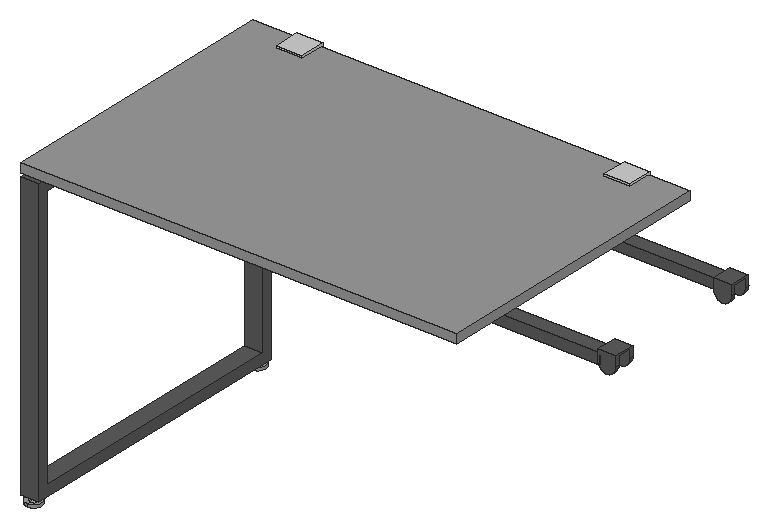
Revit family "Haworth_Tibas_Desk_ReturnExtension_EU_PRELIMINARY", category Furniture, Revit 2019 (continued)
Definition of nested family "Haworth_Tibas_CableManagement_HorizontalCableTraySingleWire_PART"
  Definition of nested family "Haworth_Tibas_CableManagement_HorizontalCableTraySingleWire_140cm-PART"
    Forms (cm)
      Extrusion 5, solid, material <- "Trim Finish"
        sketch origin (-52.1788, 0.625, 79.9413) x (0, -1, 0) y (0, 0, 1)
          loop
            line (19.9242, -3.0224) -> (19.9242, -5.6) -> (19.6482, -5.6)
            arc (19.6482, -5.6) -> (19.4898, -5.6656) -> (19.4242, -5.824) r 0.224
            line (19.4242, -5.824) -> (19.4242, -12.25) -> (7.5501, -12.25)
            arc (7.5501, -12.25) -> (7.3251, -12.025) -> (7.5501, -11.8) r 0.225
            line (7.5501, -11.8) -> (8.3242, -11.8) -> (8.3242, -11.6) -> (7.5483, -11.6)
            arc (7.5483, -11.6) -> (7.1233, -12.025) -> (7.5483, -12.45) r 0.425
            line (7.5483, -12.45) -> (19.4019, -12.45)
            arc (19.4019, -12.45) -> (19.5591, -12.3849) -> (19.6242, -12.2277) r 0.2223
            line (19.6242, -12.2277) -> (19.6242, -5.8) -> (19.9029, -5.8)
            arc (19.9029, -5.8) -> (20.0594, -5.7352) -> (20.1242, -5.5787) r 0.2213
            line (20.1242, -5.5787) -> (20.1242, -3) -> (24.1742, -3) -> (24.1742, -6) -> (24.3742, -6) -> (24.3742, -3.02)
            arc (24.3742, -3.02) -> (24.3098, -2.8644) -> (24.1542, -2.8) r 0.22
        from -36.501 to -33.501
    Cuts and joins
      Extrusion 2, Extrusion 3 cuts Extrusion 1
    Lines and regions (cm)
      Masking region 1
        outline origin (0, 0, 0) x (1, 0, 0) y (0, 1, 0)
          loop
            line (-49.1964, -4.3686) -> (-49.1964, -20.3686) -> (90.8036, -20.3686) -> (90.8036, -4.3686) -> (-49.1964, -4.3686)
    Dimensions and locks (cm)
      locked: plane 2 "Support Top" to level at 74.1363
      equal spacing: plane 4, plane 6, plane 5 "Front"
      "Actual Depth": plane 5 "Front" to plane 4
      equal spacing: plane 7, plane 3, plane 8
      "Actual Width": plane 7 to plane 8
      aligned and locked: plane 4 to cut or joined group of Extrusion 1, Extrusion 2, Extrusion 3
      aligned and locked: Masking region 1 sketch curve to plane 4
      aligned and locked: Masking region 1 sketch curve to plane 5 "Front"
      aligned and locked: cut or joined group of Extrusion 1, Extrusion 2, Extrusion 3 to plane 7
      aligned and locked: Masking region 1 to plane 7
      aligned and locked: plane 8 to cut or joined group of Extrusion 1, Extrusion 2, Extrusion 3
      aligned and locked: plane 8 to Masking region 1
    Automatic sketch dimensions
      Extrusion 1 sketch curve to plane 2 "Support Top" = 0 cm  (x2)
      Extrusion 1 sketch curve to plane 4 = 0 cm
      Extrusion 1 sketch curve to Extrusion 1 sketch curve = 0.3062 cm
      Extrusion 1 sketch curve to plane 4 = 0.3886 cm
      Extrusion 1 sketch curve to Extrusion 1 sketch curve = 0.1226 cm
      Extrusion 1 sketch curve to plane 5 "Front" = 1.3652 cm
      Extrusion 1 sketch curve to Extrusion 1 sketch curve = 0.0044 cm
      Extrusion 1 sketch curve to Extrusion 1 sketch curve = 0.1959 cm
      Extrusion 1 sketch curve to Extrusion 1 sketch curve = 0.1923 cm
      Extrusion 1 sketch curve to plane 2 "Support Top" = 5.6934 cm
      Extrusion 1 sketch curve to Extrusion 1 sketch curve = 0.0167 cm
      Extrusion 2 sketch curve to Extrusion 2 sketch curve = 0 cm  (x58)
      plane 7 to Extrusion 2 sketch curve = 4.728 cm
      Extrusion 2 sketch curve to plane 2 "Support Top" = 0.1965 cm  (x23)
      Extrusion 2 sketch curve to Extrusion 2 sketch curve = 0.2075 cm  (x31)
      Extrusion 2 sketch curve to Extrusion 2 sketch curve = 5.7925 cm  (x19)
      Extrusion 2 sketch curve to plane 3 = 5.272 cm
      plane 3 to Extrusion 2 sketch curve = 0.728 cm  (x2)
      Extrusion 2 sketch curve to plane 8 = 0.397 cm
      Extrusion 2 sketch curve to Extrusion 2 sketch curve = 3.3128 cm  (x4)
      Extrusion 2 sketch curve to Extrusion 2 sketch curve = 0.1859 cm  (x23)
      Extrusion 2 sketch curve to Extrusion 2 sketch curve = 1.7829 cm  (x14)
      Extrusion 2 sketch curve to Extrusion 2 sketch curve = 0.0134 cm  (x4)
      Extrusion 2 sketch curve to Extrusion 2 sketch curve = 1.7963 cm
      plane 4 to Extrusion 3 sketch curve = 0.3062 cm  (x15)
      plane 7 to Extrusion 3 sketch curve = 9.3145 cm
      Extrusion 3 sketch curve to Extrusion 3 sketch curve = 3.5555 cm
      Extrusion 3 sketch curve to Extrusion 3 sketch curve = 0.1945 cm  (x4)
      Extrusion 3 sketch curve to plane 7 = 0.228 cm
      Extrusion 3 sketch curve to Extrusion 3 sketch curve = 0.2075 cm  (x18)
      Extrusion 3 sketch curve to Extrusion 3 sketch curve = 5.8055 cm  (x11)
      plane 5 "Front" to Extrusion 3 sketch curve = 1.5977 cm  (x12)
      Extrusion 3 sketch curve to Extrusion 3 sketch curve = 5.7925 cm  (x9)
      Extrusion 3 sketch curve to Extrusion 3 sketch curve = 0.2204 cm  (x4)
      plane 3 to Extrusion 3 sketch curve = 3.7202 cm
      Extrusion 3 sketch curve to plane 3 = 2.2927 cm
      plane 8 to Extrusion 3 sketch curve = 1.6037 cm
      Extrusion 3 sketch curve to plane 8 = 4.4093 cm
      Extrusion 3 sketch curve to Extrusion 3 sketch curve = 4.6848 cm
      Extrusion 3 sketch curve to Extrusion 3 sketch curve = 0 cm  (x27)
      Extrusion 4 sketch curve to plane 4 = 2.5547 cm
      Extrusion 4 sketch curve to Extrusion 4 sketch curve = 0.0018 cm
      Extrusion 4 sketch curve to Extrusion 4 sketch curve = 0.7759 cm
      Extrusion 4 sketch curve to plane 5 "Front" = 1.5916 cm
      Extrusion 4 sketch curve to Extrusion 4 sketch curve = 0.0223 cm
      plane 2 "Support Top" to Extrusion 4 sketch curve = 0.005 cm
      Extrusion 4 sketch curve to Extrusion 4 sketch curve = 0.2 cm  (x5)
      Extrusion 4 sketch curve to Extrusion 4 sketch curve = 0.024 cm
      Extrusion 4 sketch curve to Extrusion 4 sketch curve = 0.2547 cm
      Extrusion 4 sketch curve to plane 5 "Front" = 1.0694 cm
      Extrusion 4 sketch curve to Extrusion 4 sketch curve = 0.0224 cm
      plane 5 "Front" to Extrusion 4 sketch curve = 3.1606 cm
      Extrusion 4 sketch curve to Extrusion 4 sketch curve = 0.02 cm  (x2)
      Extrusion 4 sketch curve to Extrusion 4 sketch curve = 2.5563 cm
      Extrusion 4 sketch curve to plane 2 "Support Top" = 0.195 cm
      Extrusion 4 sketch curve to plane 2 "Support Top" = 5.795 cm
      Extrusion 4 sketch curve to Extrusion 4 sketch curve = 0.225 cm
      Extrusion 4 sketch curve to Extrusion 4 sketch curve = 0 cm
      Masking region 1 sketch curve to plane 7 = 0 cm
      Masking region 1 sketch curve to plane 8 = 0 cm
      Extrusion 5 sketch curve to plane 4 = 2.5547 cm
      Extrusion 5 sketch curve to Extrusion 5 sketch curve = 0.0018 cm
      Extrusion 5 sketch curve to Extrusion 5 sketch curve = 0.7759 cm
      Extrusion 5 sketch curve to plane 5 "Front" = 1.5916 cm
      Extrusion 5 sketch curve to Extrusion 5 sketch curve = 0.0223 cm
      plane 2 "Support Top" to Extrusion 5 sketch curve = 0.005 cm
      Extrusion 5 sketch curve to Extrusion 5 sketch curve = 0.2 cm  (x4)
      Extrusion 5 sketch curve to Extrusion 5 sketch curve = 0.024 cm
      Extrusion 5 sketch curve to Extrusion 5 sketch curve = 0.2547 cm
      Extrusion 5 sketch curve to plane 5 "Front" = 1.0694 cm
      Extrusion 5 sketch curve to Extrusion 5 sketch curve = 0.0224 cm
      plane 5 "Front" to Extrusion 5 sketch curve = 3.1606 cm
      Extrusion 5 sketch curve to Extrusion 5 sketch curve = 0.02 cm  (x2)
      Extrusion 5 sketch curve to plane 2 "Support Top" = 0.019 cm
      Extrusion 5 sketch curve to plane 2 "Support Top" = 0.195 cm
      Extrusion 5 sketch curve to plane 2 "Support Top" = 5.795 cm
      Extrusion 5 sketch curve to Extrusion 5 sketch curve = 0.225 cm
      Extrusion 5 sketch curve to Extrusion 5 sketch curve = 0 cm
      Extrusion 5 sketch curve to Extrusion 5 sketch curve = 2.5563 cm
      plane 7 to Extrusion 2 sketch curve = 0.3105 cm
      Extrusion 2 sketch curve to Extrusion 2 sketch curve = 1.8232 cm
  Definition of nested family "Haworth_Tibas_CableManagement_HorizontalCableTraySingleWire_180cm-PART"
    Parameters (values of type "Wire Basket Single - 180cm")
      Warranty = "http://www.haworth.com/resources/product-info/warranties"
      Void Width = 20 cm  # constant formula
      URL = "www.haworth.com"
      Trim Finish = none
      Size = "Verify Final Dim. w/ Haworth"  # constant formula
      Revision Number = "1"  # constant formula
      Model = "Haworth -  Wire Basket "  # constant formula
      Manufacturer = "Haworth"  # constant formula
      Description = "Haworth -  Wire Basket 180cm "  # constant formula
      Cable Tray Finish = none
      Author = "Haworth (Abd Rahman)"  # constant formula
      Assembly Code = "E2020200"
      Actual Width = 180 cm  # constant formula
      Actual Depth = 16 cm  # constant formula
    Reference planes (cm)
      plane 1: z = 0
      plane 2 "Support Top": z = 74.1363
      plane 3: x = 20.8036
      plane 4: y = -4.3686
      plane 5 "Front": y = -20.3686
      plane 6: y = -12.3686
      plane 7: x = -69.1964
      plane 8: x = 110.8036
    Forms (cm)
      Extrusion 1, solid, material <- "Cable Tray Finish"
        sketch origin (-68.41, -24.7371, 0) x (0, 1, 0) y (0, 0, -1)
          loop
            line (5.5335, -74.1362) -> (5.5335, -68.4381)
            arc (5.5335, -68.4381) -> (5.5922, -68.2965) -> (5.7338, -68.2378) r 0.2003
            line (5.7338, -68.2378) -> (19.8574, -68.2378)
            arc (19.8574, -68.2378) -> (20.0023, -68.2979) -> (20.0623, -68.4428) r 0.205
            line (20.0623, -68.4428) -> (20.0623, -74.1362) -> (20.3686, -74.1362) -> (20.3686, -68.4261)
            arc (20.3686, -68.4261) -> (20.2547, -68.1513) -> (19.9799, -68.0374) r 0.3886
            line (19.9799, -68.0374) -> (5.7294, -68.0374)
            arc (5.7294, -68.0374) -> (5.455, -68.1511) -> (5.3413, -68.4255) r 0.3881
            line (5.3413, -68.4255) -> (5.3413, -74.1362) -> (5.5335, -74.1362)
        from -179.2136 to 0.7864
      Extrusion 2, void
        sketch origin (0, -2.9666, 0) x (1, 0, 0) y (0, 0, -1)
          loop
            line (-68.261, -73.9397) -> (-62.4684, -73.9397) -> (-62.4684, -70.6269) -> (-68.261, -70.6269) -> (-68.261, -73.9397)
          loop
            line (-62.4684, -70.4411) -> (-62.4684, -68.6179) -> (-68.261, -68.6179) -> (-68.261, -70.4411) -> (-62.4684, -70.4411)
          loop
            line (-62.261, -73.9397) -> (-56.4684, -73.9397) -> (-56.4684, -70.6269) -> (-62.261, -70.6269) -> (-62.261, -73.9397)
          loop
            line (-56.4684, -70.4411) -> (-56.4684, -68.6179) -> (-62.261, -68.6179) -> (-62.261, -70.4411) -> (-56.4684, -70.4411)
          loop
            line (-56.261, -73.9397) -> (-50.4684, -73.9397) -> (-50.4684, -70.6269) -> (-56.261, -70.6269) -> (-56.261, -73.9397)
          loop
            line (-50.4684, -70.4411) -> (-50.4684, -68.6179) -> (-56.261, -68.6179) -> (-56.261, -70.4411) -> (-50.4684, -70.4411)
          loop
            line (-50.261, -73.9397) -> (-44.4684, -73.9397) -> (-44.4684, -70.6269) -> (-50.261, -70.6269) -> (-50.261, -73.9397)
          loop
            line (-44.4684, -70.4411) -> (-44.4684, -68.6179) -> (-50.261, -68.6179) -> (-50.261, -70.4411) -> (-44.4684, -70.4411)
          loop
            line (-44.261, -73.9397) -> (-38.4684, -73.9397) -> (-38.4684, -70.6269) -> (-44.261, -70.6269) -> (-44.261, -73.9397)
          loop
            line (-38.4684, -70.4411) -> (-38.4684, -68.6448) -> (-44.261, -68.6448) -> (-44.261, -70.4411) -> (-38.4684, -70.4411)
          loop
            line (-38.261, -73.9397) -> (-32.4684, -73.9397) -> (-32.4684, -70.6269) -> (-38.261, -70.6269) -> (-38.261, -73.9397)
          loop
            line (-32.4684, -70.4411) -> (-32.4684, -68.6448) -> (-38.261, -68.6448) -> (-38.261, -70.4411) -> (-32.4684, -70.4411)
          loop
            line (-32.261, -73.9397) -> (-26.4684, -73.9397) -> (-26.4684, -70.6269) -> (-32.261, -70.6269) -> (-32.261, -73.9397)
          loop
            line (-26.4684, -70.4411) -> (-26.4684, -68.6448) -> (-32.261, -68.6448) -> (-32.261, -70.4411) -> (-26.4684, -70.4411)
          loop
            line (-26.261, -73.9397) -> (-20.4684, -73.9397) -> (-20.4684, -70.6269) -> (-26.261, -70.6269) -> (-26.261, -73.9397)
          loop
            line (-20.4684, -70.4411) -> (-20.4684, -68.6582) -> (-26.261, -68.6582) -> (-26.261, -70.4411) -> (-20.4684, -70.4411)
          loop
            line (-20.261, -73.9397) -> (-14.4684, -73.9397) -> (-14.4684, -70.6269) -> (-20.261, -70.6269) -> (-20.261, -73.9397)
          loop
            line (-14.4684, -70.4411) -> (-14.4684, -68.6582) -> (-20.261, -68.6582) -> (-20.261, -70.4411) -> (-14.4684, -70.4411)
          loop
            line (-14.261, -73.9397) -> (-8.4684, -73.9397) -> (-8.4684, -70.6269) -> (-14.261, -70.6269) -> (-14.261, -73.9397)
          loop
            line (-8.4684, -70.4411) -> (-8.4684, -68.6582) -> (-14.261, -68.6582) -> (-14.261, -70.4411) -> (-8.4684, -70.4411)
          loop
            line (-8.261, -73.9397) -> (-2.4684, -73.9397) -> (-2.4684, -70.6269) -> (-8.261, -70.6269) -> (-8.261, -73.9397)
          loop
            line (-2.4684, -70.4411) -> (-2.4684, -68.6448) -> (-8.261, -68.6448) -> (-8.261, -70.4411) -> (-2.4684, -70.4411)
          loop
            line (-2.261, -73.9397) -> (3.5316, -73.9397) -> (3.5316, -70.6269) -> (-2.261, -70.6269) -> (-2.261, -73.9397)
          loop
            line (3.5316, -70.4411) -> (3.5316, -68.6582) -> (-2.261, -68.6582) -> (-2.261, -70.4411) -> (3.5316, -70.4411)
          loop
            line (3.739, -73.9397) -> (9.5316, -73.9397) -> (9.5316, -70.6269) -> (3.739, -70.6269) -> (3.739, -73.9397)
          loop
            line (9.5316, -70.4411) -> (9.5316, -68.6582) -> (3.739, -68.6582) -> (3.739, -70.4411) -> (9.5316, -70.4411)
          loop
            line (9.739, -73.9397) -> (15.5316, -73.9397) -> (15.5316, -70.6269) -> (9.739, -70.6269) -> (9.739, -73.9397)
          loop
            line (15.5316, -70.4411) -> (15.5316, -68.6582) -> (9.739, -68.6582) -> (9.739, -70.4411) -> (15.5316, -70.4411)
          loop
            line (15.739, -73.9397) -> (21.5316, -73.9397) -> (21.5316, -70.6269) -> (15.739, -70.6269) -> (15.739, -73.9397)
          loop
            line (21.5316, -70.4411) -> (21.5316, -68.6582) -> (15.739, -68.6582) -> (15.739, -70.4411) -> (21.5316, -70.4411)
          loop
            line (21.739, -73.9397) -> (27.5316, -73.9397) -> (27.5316, -70.6269) -> (21.739, -70.6269) -> (21.739, -73.9397)
          loop
            line (27.5316, -70.4411) -> (27.5316, -68.6582) -> (21.739, -68.6582) -> (21.739, -70.4411) -> (27.5316, -70.4411)
          loop
            line (27.739, -73.9397) -> (33.5316, -73.9397) -> (33.5316, -70.6269) -> (27.739, -70.6269) -> (27.739, -73.9397)
          loop
            line (33.5316, -70.4411) -> (33.5316, -68.6448) -> (27.739, -68.6448) -> (27.739, -70.4411) -> (33.5316, -70.4411)
          loop
            line (33.739, -73.9397) -> (39.5316, -73.9397) -> (39.5316, -70.6269) -> (33.739, -70.6269) -> (33.739, -73.9397)
          loop
            line (39.5316, -70.4411) -> (39.5316, -68.6582) -> (33.739, -68.6582) -> (33.739, -70.4411) -> (39.5316, -70.4411)
          loop
            line (39.739, -73.9397) -> (45.5316, -73.9397) -> (45.5316, -70.6269) -> (39.739, -70.6269) -> (39.739, -73.9397)
          loop
            line (45.5316, -70.4411) -> (45.5316, -68.6582) -> (39.739, -68.6582) -> (39.739, -70.4411) -> (45.5316, -70.4411)
          loop
            line (45.739, -73.9397) -> (51.5316, -73.9397) -> (51.5316, -70.6269) -> (45.739, -70.6269) -> (45.739, -73.9397)
          loop
            line (51.5316, -70.4411) -> (51.5316, -68.6582) -> (45.739, -68.6582) -> (45.739, -70.4411) -> (51.5316, -70.4411)
          loop
            line (51.739, -73.9397) -> (57.5316, -73.9397) -> (57.5316, -70.6269) -> (51.739, -70.6269) -> (51.739, -73.9397)
          loop
            line (57.5316, -70.4411) -> (57.5316, -68.6582) -> (51.739, -68.6582) -> (51.739, -70.4411) -> (57.5316, -70.4411)
          loop
            line (57.739, -73.9397) -> (63.5316, -73.9397) -> (63.5316, -70.6269) -> (57.739, -70.6269) -> (57.739, -73.9397)
          loop
            line (63.5316, -70.4411) -> (63.5316, -68.6582) -> (57.739, -68.6582) -> (57.739, -70.4411) -> (63.5316, -70.4411)
          loop
            line (63.739, -73.9397) -> (69.5316, -73.9397) -> (69.5316, -70.6269) -> (63.739, -70.6269) -> (63.739, -73.9397)
          loop
            line (69.5316, -70.4411) -> (69.5316, -68.6448) -> (63.739, -68.6448) -> (63.739, -70.4411) -> (69.5316, -70.4411)
          loop
            line (69.739, -73.9397) -> (75.5316, -73.9397) -> (75.5316, -70.6269) -> (69.739, -70.6269) -> (69.739, -73.9397)
          loop
            line (75.5316, -70.4411) -> (75.5316, -68.6582) -> (69.739, -68.6582) -> (69.739, -70.4411) -> (75.5316, -70.4411)
          loop
            line (75.739, -73.9397) -> (81.5316, -73.9397) -> (81.5316, -70.6269) -> (75.739, -70.6269) -> (75.739, -73.9397)
          loop
            line (81.5316, -70.4411) -> (81.5316, -68.6582) -> (75.739, -68.6582) -> (75.739, -70.4411) -> (81.5316, -70.4411)
          loop
            line (81.739, -73.9397) -> (87.5316, -73.9397) -> (87.5316, -70.6269) -> (81.739, -70.6269) -> (81.739, -73.9397)
          loop
            line (87.5316, -70.4411) -> (87.5316, -68.6582) -> (81.739, -68.6582) -> (81.739, -70.4411) -> (87.5316, -70.4411)
          loop
            line (87.739, -73.9397) -> (93.5316, -73.9397) -> (93.5316, -70.6269) -> (87.739, -70.6269) -> (87.739, -73.9397)
          loop
            line (93.5316, -70.4411) -> (93.5316, -68.6582) -> (87.739, -68.6582) -> (87.739, -70.4411) -> (93.5316, -70.4411)
          loop
            line (93.739, -73.9397) -> (98.0316, -73.9397) -> (98.0316, -70.6269) -> (93.739, -70.6269) -> (93.739, -73.9397)
          loop
            line (98.0316, -70.4411) -> (98.0316, -68.6582) -> (93.739, -68.6582) -> (93.739, -70.4411) -> (98.0316, -70.4411)
          loop
            line (98.239, -73.9397) -> (104.0316, -73.9397) -> (104.0316, -70.6269) -> (98.239, -70.6269) -> (98.239, -73.9397)
          loop
            line (104.0316, -70.4411) -> (104.0316, -68.6582) -> (98.239, -68.6582) -> (98.239, -70.4411) -> (104.0316, -70.4411)
          loop
            line (104.239, -73.9397) -> (110.0316, -73.9397) -> (110.0316, -70.6269) -> (104.239, -70.6269) -> (104.239, -73.9397)
          loop
            line (110.0316, -70.4411) -> (110.0316, -68.6582) -> (104.239, -68.6582) -> (104.239, -70.4411) -> (110.0316, -70.4411)
        from -21.2076 to 0.5784
      Extrusion 3, void
        sketch origin (0, -24.7371, 0) x (1, 0, 0) y (0, 1, 0)
          loop
            line (-68.636, 5.9663) -> (-60.9684, 5.9663) -> (-60.9684, 20.0623) -> (-68.636, 20.0623) -> (-68.636, 5.9663)
          loop
            line (-60.761, 5.9663) -> (-54.9555, 5.9663) -> (-54.9555, 20.0623) -> (-60.761, 20.0623) -> (-60.761, 5.9663)
          loop
            line (-54.761, 5.9663) -> (-48.9684, 5.9663) -> (-48.9684, 20.0623) -> (-54.761, 20.0623) -> (-54.761, 5.9663)
          loop
            line (-48.761, 5.9663) -> (-42.9555, 5.9663) -> (-42.9555, 20.0623) -> (-48.761, 20.0623) -> (-48.761, 5.9663)
          loop
            line (-42.761, 5.9663) -> (-36.9684, 5.9663) -> (-36.9684, 20.0623) -> (-42.761, 20.0623) -> (-42.761, 5.9663)
          loop
            line (-36.761, 5.9663) -> (-30.9555, 5.9663) -> (-30.9555, 20.0623) -> (-36.761, 20.0623) -> (-36.761, 5.9663)
          loop
            line (-30.761, 5.9663) -> (-24.9684, 5.9663) -> (-24.9684, 20.0623) -> (-30.761, 20.0623) -> (-30.761, 5.9663)
          loop
            line (-24.761, 5.9663) -> (-18.9555, 5.9663) -> (-18.9555, 20.0623) -> (-24.761, 20.0623) -> (-24.761, 5.9663)
          loop
            line (-18.761, 5.9663) -> (-12.9684, 5.9663) -> (-12.9684, 20.0623) -> (-18.761, 20.0623) -> (-18.761, 5.9663)
          loop
            line (-12.761, 5.9663) -> (-6.9555, 5.9663) -> (-6.9555, 20.0623) -> (-12.761, 20.0623) -> (-12.761, 5.9663)
          loop
            line (-6.748, 5.9663) -> (-0.9555, 5.9663) -> (-0.9555, 20.0623) -> (-6.748, 20.0623) -> (-6.748, 5.9663)
          loop
            line (-0.748, 5.9663) -> (5.0575, 5.9663) -> (5.0575, 20.0623) -> (-0.748, 20.0623) -> (-0.748, 5.9663)
          loop
            line (5.2779, 5.9663) -> (11.0704, 5.9663) -> (11.0704, 20.0623) -> (5.2779, 20.0623) -> (5.2779, 5.9663)
          loop
            line (11.2779, 5.9663) -> (17.0834, 5.9663) -> (17.0834, 20.0623) -> (11.2779, 20.0623) -> (11.2779, 5.9663)
          loop
            line (17.2908, 5.9663) -> (23.0963, 5.9663) -> (23.0963, 20.0623) -> (17.2908, 20.0623) -> (17.2908, 5.9663)
          loop
            line (23.3038, 5.9663) -> (29.0963, 5.9663) -> (29.0963, 20.0623) -> (23.3038, 20.0623) -> (23.3038, 5.9663)
          loop
            line (29.3038, 5.9663) -> (35.1093, 5.9663) -> (35.1093, 20.0623) -> (29.3038, 20.0623) -> (29.3038, 5.9663)
          loop
            line (35.3297, 5.9663) -> (41.1222, 5.9663) -> (41.1222, 20.0623) -> (35.3297, 20.0623) -> (35.3297, 5.9663)
          loop
            line (41.3297, 5.9663) -> (47.1351, 5.9663) -> (47.1351, 20.0623) -> (41.3297, 20.0623) -> (41.3297, 5.9663)
          loop
            line (47.3426, 5.9663) -> (53.1481, 5.9663) -> (53.1481, 20.0623) -> (47.3426, 20.0623) -> (47.3426, 5.9663)
          loop
            line (53.3556, 5.9663) -> (59.1481, 5.9663) -> (59.1481, 20.0623) -> (53.3556, 20.0623) -> (53.3556, 5.9663)
          loop
            line (59.3556, 5.9663) -> (65.161, 5.9663) -> (65.161, 20.0623) -> (59.3556, 20.0623) -> (59.3556, 5.9663)
          loop
            line (65.3815, 5.9663) -> (71.174, 5.9663) -> (71.174, 20.0623) -> (65.3815, 20.0623) -> (65.3815, 5.9663)
          loop
            line (71.3815, 5.9663) -> (77.1869, 5.9663) -> (77.1869, 20.0623) -> (71.3815, 20.0623) -> (71.3815, 5.9663)
          loop
            line (77.3944, 5.9663) -> (83.1999, 5.9663) -> (83.1999, 20.0623) -> (77.3944, 20.0623) -> (77.3944, 5.9663)
          loop
            line (83.4074, 5.9663) -> (89.1999, 5.9663) -> (89.1999, 20.0623) -> (83.4074, 20.0623) -> (83.4074, 5.9663)
          loop
            line (89.4074, 5.9663) -> (95.2128, 5.9663) -> (95.2128, 20.0623) -> (89.4074, 20.0623) -> (89.4074, 5.9663)
          loop
            line (95.4333, 5.9663) -> (101.2258, 5.9663) -> (101.2258, 20.0623) -> (95.4333, 20.0623) -> (95.4333, 5.9663)
          loop
            line (101.4333, 5.9663) -> (107.2387, 5.9663) -> (107.2387, 20.0623) -> (101.4333, 20.0623) -> (101.4333, 5.9663)
          loop
            line (107.4592, 5.9663) -> (110.2517, 5.9663) -> (110.2517, 20.0623) -> (107.4592, 20.0623) -> (107.4592, 5.9663)
        from 0 to 76.0995
      Extrusion 4, solid, material <- "Trim Finish"
        sketch origin (113.911, 0.625, 79.9413) x (0, -1, 0) y (0, 0, -1)
          loop
            arc (24.1542, 2.8) -> (24.3098, 2.8644) -> (24.3742, 3.02) r 0.22
            line (24.3742, 3.02) -> (24.3742, 6) -> (24.1742, 6) -> (24.1742, 3) -> (20.1242, 3) -> (20.1242, 5.5787)
            arc (20.1242, 5.5787) -> (20.0594, 5.7352) -> (19.9029, 5.8) r 0.2213
            line (19.9029, 5.8) -> (19.6242, 5.8) -> (19.6242, 12.2277)
            arc (19.6242, 12.2277) -> (19.5591, 12.3849) -> (19.4019, 12.45) r 0.2223
            line (19.4019, 12.45) -> (7.5483, 12.45)
            arc (7.5483, 12.45) -> (7.1233, 12.025) -> (7.5483, 11.6) r 0.425
            line (7.5483, 11.6) -> (8.3242, 11.6) -> (8.3242, 11.8) -> (7.5501, 11.8)
            arc (7.5501, 11.8) -> (7.3251, 12.025) -> (7.5501, 12.25) r 0.225
            line (7.5501, 12.25) -> (19.4242, 12.25) -> (19.4242, 5.824)
            arc (19.4242, 5.824) -> (19.4898, 5.6656) -> (19.6482, 5.6) r 0.224
            line (19.6482, 5.6) -> (19.9242, 5.6) -> (19.9242, 3.0224)
            arc (19.9242, 3.0224) -> (19.9893, 2.8651) -> (20.1466, 2.8) r 0.2224
            line (20.1466, 2.8) -> (24.1542, 2.8)
        from -36.501 to -33.501
      Extrusion 5, solid, material <- "Trim Finish"
        sketch origin (-72.3038, 0.625, 79.9413) x (0, -1, 0) y (0, 0, 1)
          loop
            line (24.1542, -2.8) -> (20.1466, -2.8)
            arc (20.1466, -2.8) -> (19.9893, -2.8651) -> (19.9242, -3.0224) r 0.2224
            line (19.9242, -3.0224) -> (19.9242, -5.6) -> (19.6482, -5.6)
            arc (19.6482, -5.6) -> (19.4898, -5.6656) -> (19.4242, -5.824) r 0.224
            line (19.4242, -5.824) -> (19.4242, -12.25) -> (7.5501, -12.25)
            arc (7.5501, -12.25) -> (7.3251, -12.025) -> (7.5501, -11.8) r 0.225
            line (7.5501, -11.8) -> (8.3242, -11.8) -> (8.3242, -11.6) -> (7.5483, -11.6)
            arc (7.5483, -11.6) -> (7.1233, -12.025) -> (7.5483, -12.45) r 0.425
            line (7.5483, -12.45) -> (19.4019, -12.45)
            arc (19.4019, -12.45) -> (19.5591, -12.3849) -> (19.6242, -12.2277) r 0.2223
            line (19.6242, -12.2277) -> (19.6242, -5.8) -> (19.9029, -5.8)
            arc (19.9029, -5.8) -> (20.0594, -5.7352) -> (20.1242, -5.5787) r 0.2213
            line (20.1242, -5.5787) -> (20.1242, -3) -> (24.1742, -3) -> (24.1742, -6) -> (24.3742, -6) -> (24.3742, -3.02)
            arc (24.3742, -3.02) -> (24.3098, -2.8644) -> (24.1542, -2.8) r 0.22
        from -36.501 to -33.501
    Cuts and joins
      Extrusion 2, Extrusion 3 cuts Extrusion 1
    Lines and regions (cm)
      Masking region 1
        outline origin (0, 0, 0) x (1, 0, 0) y (0, 1, 0)
          loop
            line (-69.1964, -4.3686) -> (-69.1964, -20.3686) -> (110.8036, -20.3686) -> (110.8036, -4.3686) -> (-69.1964, -4.3686)
    Dimensions and locks (cm)
      locked: plane 2 "Support Top" to level at 74.1363
      equal spacing: plane 4, plane 6, plane 5 "Front"
      "Actual Depth": plane 5 "Front" to plane 4
      equal spacing: plane 7, plane 3, plane 8
      "Actual Width": plane 7 to plane 8
      aligned and locked: plane 4 to cut or joined group of Extrusion 1, Extrusion 2, Extrusion 3
      aligned and locked: Masking region 1 sketch curve to plane 4
      aligned and locked: Masking region 1 sketch curve to plane 5 "Front"
      aligned and locked: Masking region 1 sketch curve to plane 8
      aligned and locked: plane 7 to Masking region 1 sketch curve
      aligned and locked: cut or joined group of Extrusion 1, Extrusion 2, Extrusion 3 to plane 7
      aligned and locked: plane 8 to cut or joined group of Extrusion 1, Extrusion 2, Extrusion 3
    Automatic sketch dimensions
      Extrusion 1 sketch curve to plane 2 "Support Top" = 0 cm  (x2)
      Extrusion 1 sketch curve to plane 4 = 0 cm
      Extrusion 1 sketch curve to Extrusion 1 sketch curve = 0.3062 cm
      Extrusion 1 sketch curve to plane 4 = 0.3886 cm
      Extrusion 1 sketch curve to Extrusion 1 sketch curve = 0.1226 cm
      Extrusion 1 sketch curve to plane 5 "Front" = 1.3652 cm
      Extrusion 1 sketch curve to Extrusion 1 sketch curve = 0.0044 cm
      Extrusion 1 sketch curve to Extrusion 1 sketch curve = 0.1959 cm
      Extrusion 1 sketch curve to Extrusion 1 sketch curve = 0.1923 cm
      Extrusion 1 sketch curve to plane 2 "Support Top" = 5.6934 cm
      Extrusion 1 sketch curve to Extrusion 1 sketch curve = 0.0167 cm
      Extrusion 2 sketch curve to plane 2 "Support Top" = 0.1965 cm  (x30)
      plane 7 to Extrusion 2 sketch curve = 0.9355 cm
      Extrusion 2 sketch curve to Extrusion 2 sketch curve = 0 cm  (x75)
      Extrusion 2 sketch curve to Extrusion 2 sketch curve = 5.7925 cm  (x26)
      Extrusion 2 sketch curve to Extrusion 2 sketch curve = 0.2075 cm  (x40)
      Extrusion 2 sketch curve to plane 3 = 5.272 cm
      plane 3 to Extrusion 2 sketch curve = 0.728 cm  (x2)
      Extrusion 2 sketch curve to Extrusion 2 sketch curve = 4.2925 cm
      Extrusion 2 sketch curve to plane 8 = 0.772 cm  (x2)
      Extrusion 2 sketch curve to Extrusion 2 sketch curve = 3.3128 cm  (x6)
      Extrusion 2 sketch curve to Extrusion 2 sketch curve = 0.1859 cm  (x30)
      Extrusion 2 sketch curve to Extrusion 2 sketch curve = 1.7829 cm  (x17)
      Extrusion 2 sketch curve to Extrusion 2 sketch curve = 1.7963 cm  (x3)
      Extrusion 2 sketch curve to Extrusion 2 sketch curve = 0.0134 cm  (x3)
      Extrusion 2 sketch curve to Extrusion 2 sketch curve = 1.8232 cm  (x3)
      Extrusion 3 sketch curve to plane 7 = 0.5605 cm
      plane 4 to Extrusion 3 sketch curve = 0.3062 cm  (x23)
      Extrusion 3 sketch curve to Extrusion 3 sketch curve = 7.6675 cm
      Extrusion 3 sketch curve to Extrusion 3 sketch curve = 0.2075 cm  (x20)
      Extrusion 3 sketch curve to Extrusion 3 sketch curve = 5.8055 cm  (x13)
      Extrusion 3 sketch curve to Extrusion 3 sketch curve = 0.1945 cm  (x4)
      Extrusion 3 sketch curve to Extrusion 3 sketch curve = 5.7925 cm  (x12)
      Extrusion 3 sketch curve to Extrusion 3 sketch curve = 0.2204 cm  (x5)
      plane 3 to Extrusion 3 sketch curve = 3.7202 cm
      Extrusion 3 sketch curve to plane 3 = 2.2927 cm
      plane 5 "Front" to Extrusion 3 sketch curve = 1.5977 cm  (x8)
      plane 8 to Extrusion 3 sketch curve = 3.5648 cm
      plane 8 to Extrusion 3 sketch curve = 0.5519 cm
      Extrusion 3 sketch curve to Extrusion 3 sketch curve = 0 cm  (x29)
      Extrusion 4 sketch curve to plane 4 = 2.5547 cm
      Extrusion 4 sketch curve to Extrusion 4 sketch curve = 0.0018 cm
      Extrusion 4 sketch curve to Extrusion 4 sketch curve = 0.7759 cm
      Extrusion 4 sketch curve to plane 5 "Front" = 1.5916 cm
      Extrusion 4 sketch curve to Extrusion 4 sketch curve = 0.0223 cm
      plane 2 "Support Top" to Extrusion 4 sketch curve = 0.005 cm
      Extrusion 4 sketch curve to Extrusion 4 sketch curve = 0.2 cm  (x5)
      Extrusion 4 sketch curve to Extrusion 4 sketch curve = 0.024 cm
      Extrusion 4 sketch curve to Extrusion 4 sketch curve = 0.2547 cm
      Extrusion 4 sketch curve to plane 5 "Front" = 1.0694 cm
      Extrusion 4 sketch curve to Extrusion 4 sketch curve = 0.0224 cm
      plane 5 "Front" to Extrusion 4 sketch curve = 3.1606 cm
      Extrusion 4 sketch curve to Extrusion 4 sketch curve = 0.02 cm  (x2)
      Extrusion 4 sketch curve to Extrusion 4 sketch curve = 2.5563 cm
      Extrusion 4 sketch curve to plane 2 "Support Top" = 0.195 cm
      Extrusion 4 sketch curve to plane 2 "Support Top" = 5.795 cm
      Extrusion 4 sketch curve to Extrusion 4 sketch curve = 0.225 cm
      Extrusion 4 sketch curve to Extrusion 4 sketch curve = 0 cm
      Extrusion 5 sketch curve to plane 4 = 2.5547 cm
      Extrusion 5 sketch curve to Extrusion 5 sketch curve = 0.0018 cm
      Extrusion 5 sketch curve to Extrusion 5 sketch curve = 0.7759 cm
      Extrusion 5 sketch curve to plane 5 "Front" = 1.5916 cm
      Extrusion 5 sketch curve to Extrusion 5 sketch curve = 0.0223 cm
      plane 2 "Support Top" to Extrusion 5 sketch curve = 0.005 cm
      Extrusion 5 sketch curve to Extrusion 5 sketch curve = 0.2 cm  (x4)
      Extrusion 5 sketch curve to Extrusion 5 sketch curve = 0.024 cm
      Extrusion 5 sketch curve to Extrusion 5 sketch curve = 0.2547 cm
      Extrusion 5 sketch curve to plane 5 "Front" = 1.0694 cm
      Extrusion 5 sketch curve to Extrusion 5 sketch curve = 0.0224 cm
      plane 5 "Front" to Extrusion 5 sketch curve = 3.1606 cm
      Extrusion 5 sketch curve to Extrusion 5 sketch curve = 0.02 cm  (x2)
      Extrusion 5 sketch curve to plane 2 "Support Top" = 0.019 cm
      Extrusion 5 sketch curve to plane 2 "Support Top" = 0.195 cm
      Extrusion 5 sketch curve to plane 2 "Support Top" = 5.795 cm
      Extrusion 5 sketch curve to Extrusion 5 sketch curve = 0.225 cm
      Extrusion 5 sketch curve to Extrusion 5 sketch curve = 0 cm
      Extrusion 5 sketch curve to Extrusion 5 sketch curve = 2.5563 cm
  Definition of nested family "Haworth_Tibas_CableManagement_HorizontalCableTraySingleWire_200cm-PART"
    Parameters (values of type "Wire Basket Single - 200cm")
      Warranty = "http://www.haworth.com/resources/product-info/warranties"
      Void Width = 20 cm  # constant formula
      URL = "www.haworth.com"
      Trim Finish = none
      Size = "Verify Final Dim. w/ Haworth"  # constant formula
      Revision Number = "1"  # constant formula
      Model = "Haworth -  Wire Basket "  # constant formula
      Manufacturer = "Haworth"  # constant formula
      Description = "Haworth -  Wire Basket 200cm "  # constant formula
      Cable Tray Finish = none
      Author = "Haworth (Abd Rahman)"  # constant formula
      Assembly Code = "E2020200"
      Actual Width = 200 cm  # constant formula
      Actual Depth = 16 cm  # constant formula
    Reference planes (cm)
      plane 1: z = 0
      plane 2 "Support Top": z = 74.1363
      plane 3: x = -79.1964
      plane 4: x = 120.8036
      plane 5: x = 20.8036
      plane 6: y = -4.3686
      plane 7 "Front": y = -20.3686
      plane 8: y = -12.3686
    Forms (cm)
      Extrusion 1, solid, material <- "Cable Tray Finish"
        sketch origin (-68.41, -24.7371, 0) x (0, 1, 0) y (0, 0, -1)
          loop
            line (5.5335, -74.1362) -> (5.5335, -68.4381)
            arc (5.5335, -68.4381) -> (5.5922, -68.2965) -> (5.7338, -68.2378) r 0.2003
            line (5.7338, -68.2378) -> (19.8574, -68.2378)
            arc (19.8574, -68.2378) -> (20.0023, -68.2979) -> (20.0623, -68.4428) r 0.205
            line (20.0623, -68.4428) -> (20.0623, -74.1362) -> (20.3686, -74.1362) -> (20.3686, -68.4261)
            arc (20.3686, -68.4261) -> (20.2547, -68.1513) -> (19.9799, -68.0374) r 0.3886
            line (19.9799, -68.0374) -> (5.7294, -68.0374)
            arc (5.7294, -68.0374) -> (5.455, -68.1511) -> (5.3413, -68.4255) r 0.3881
            line (5.3413, -68.4255) -> (5.3413, -74.1362) -> (5.5335, -74.1362)
        from -189.2136 to 10.7864
      Extrusion 2, void
        sketch origin (0, -2.9666, 0) x (1, 0, 0) y (0, 0, -1)
          loop
            line (-74.261, -73.9397) -> (-68.4684, -73.9397) -> (-68.4684, -70.6269) -> (-74.261, -70.6269) -> (-74.261, -73.9397)
          loop
            line (-68.4684, -70.4411) -> (-68.4684, -68.6179) -> (-74.261, -68.6179) -> (-74.261, -70.4411) -> (-68.4684, -70.4411)
          loop
            line (-68.261, -73.9397) -> (-62.4684, -73.9397) -> (-62.4684, -70.6269) -> (-68.261, -70.6269) -> (-68.261, -73.9397)
          loop
            line (-62.4684, -70.4411) -> (-62.4684, -68.6179) -> (-68.261, -68.6179) -> (-68.261, -70.4411) -> (-62.4684, -70.4411)
          loop
            line (-62.261, -73.9397) -> (-56.4684, -73.9397) -> (-56.4684, -70.6269) -> (-62.261, -70.6269) -> (-62.261, -73.9397)
          loop
            line (-56.4684, -70.4411) -> (-56.4684, -68.6179) -> (-62.261, -68.6179) -> (-62.261, -70.4411) -> (-56.4684, -70.4411)
          loop
            line (-56.261, -73.9397) -> (-50.4684, -73.9397) -> (-50.4684, -70.6269) -> (-56.261, -70.6269) -> (-56.261, -73.9397)
          loop
            line (-50.4684, -70.4411) -> (-50.4684, -68.6179) -> (-56.261, -68.6179) -> (-56.261, -70.4411) -> (-50.4684, -70.4411)
          loop
            line (-50.261, -73.9397) -> (-44.4684, -73.9397) -> (-44.4684, -70.6269) -> (-50.261, -70.6269) -> (-50.261, -73.9397)
          loop
            line (-44.4684, -70.4411) -> (-44.4684, -68.6179) -> (-50.261, -68.6179) -> (-50.261, -70.4411) -> (-44.4684, -70.4411)
          loop
            line (-78.5742, -73.9397) -> (-74.4664, -73.9397) -> (-74.4664, -70.6269) -> (-78.5742, -70.6269) -> (-78.5742, -73.9397)
          loop
            line (-74.4664, -70.4411) -> (-74.4664, -68.6179) -> (-78.5619, -68.6179) -> (-78.5619, -70.4411) -> (-74.4664, -70.4411)
          loop
            line (-44.261, -73.9397) -> (-38.4684, -73.9397) -> (-38.4684, -70.6269) -> (-44.261, -70.6269) -> (-44.261, -73.9397)
          loop
            line (-38.4684, -70.4411) -> (-38.4684, -68.6448) -> (-44.261, -68.6448) -> (-44.261, -70.4411) -> (-38.4684, -70.4411)
          loop
            line (-38.261, -73.9397) -> (-32.4684, -73.9397) -> (-32.4684, -70.6269) -> (-38.261, -70.6269) -> (-38.261, -73.9397)
          loop
            line (-32.4684, -70.4411) -> (-32.4684, -68.6448) -> (-38.261, -68.6448) -> (-38.261, -70.4411) -> (-32.4684, -70.4411)
          loop
            line (-32.261, -73.9397) -> (-26.4684, -73.9397) -> (-26.4684, -70.6269) -> (-32.261, -70.6269) -> (-32.261, -73.9397)
          loop
            line (-26.4684, -70.4411) -> (-26.4684, -68.6448) -> (-32.261, -68.6448) -> (-32.261, -70.4411) -> (-26.4684, -70.4411)
          loop
            line (-26.261, -73.9397) -> (-20.4684, -73.9397) -> (-20.4684, -70.6269) -> (-26.261, -70.6269) -> (-26.261, -73.9397)
          loop
            line (-20.4684, -70.4411) -> (-20.4684, -68.6582) -> (-26.261, -68.6582) -> (-26.261, -70.4411) -> (-20.4684, -70.4411)
          loop
            line (-20.261, -73.9397) -> (-14.4684, -73.9397) -> (-14.4684, -70.6269) -> (-20.261, -70.6269) -> (-20.261, -73.9397)
          loop
            line (-14.4684, -70.4411) -> (-14.4684, -68.6582) -> (-20.261, -68.6582) -> (-20.261, -70.4411) -> (-14.4684, -70.4411)
          loop
            line (-14.261, -73.9397) -> (-8.4684, -73.9397) -> (-8.4684, -70.6269) -> (-14.261, -70.6269) -> (-14.261, -73.9397)
          loop
            line (-8.4684, -70.4411) -> (-8.4684, -68.6582) -> (-14.261, -68.6582) -> (-14.261, -70.4411) -> (-8.4684, -70.4411)
          loop
            line (-8.261, -73.9397) -> (-2.4684, -73.9397) -> (-2.4684, -70.6269) -> (-8.261, -70.6269) -> (-8.261, -73.9397)
          loop
            line (-2.4684, -70.4411) -> (-2.4684, -68.6448) -> (-8.261, -68.6448) -> (-8.261, -70.4411) -> (-2.4684, -70.4411)
          loop
            line (-2.261, -73.9397) -> (3.5316, -73.9397) -> (3.5316, -70.6269) -> (-2.261, -70.6269) -> (-2.261, -73.9397)
          loop
            line (3.5316, -70.4411) -> (3.5316, -68.6582) -> (-2.261, -68.6582) -> (-2.261, -70.4411) -> (3.5316, -70.4411)
          loop
            line (3.739, -73.9397) -> (9.5316, -73.9397) -> (9.5316, -70.6269) -> (3.739, -70.6269) -> (3.739, -73.9397)
          loop
            line (9.5316, -70.4411) -> (9.5316, -68.6582) -> (3.739, -68.6582) -> (3.739, -70.4411) -> (9.5316, -70.4411)
          loop
            line (9.739, -73.9397) -> (15.5316, -73.9397) -> (15.5316, -70.6269) -> (9.739, -70.6269) -> (9.739, -73.9397)
          loop
            line (15.5316, -70.4411) -> (15.5316, -68.6582) -> (9.739, -68.6582) -> (9.739, -70.4411) -> (15.5316, -70.4411)
          loop
            line (15.739, -73.9397) -> (21.5316, -73.9397) -> (21.5316, -70.6269) -> (15.739, -70.6269) -> (15.739, -73.9397)
          loop
            line (21.5316, -70.4411) -> (21.5316, -68.6582) -> (15.739, -68.6582) -> (15.739, -70.4411) -> (21.5316, -70.4411)
          loop
            line (21.739, -73.9397) -> (27.5316, -73.9397) -> (27.5316, -70.6269) -> (21.739, -70.6269) -> (21.739, -73.9397)
          loop
            line (27.5316, -70.4411) -> (27.5316, -68.6582) -> (21.739, -68.6582) -> (21.739, -70.4411) -> (27.5316, -70.4411)
          loop
            line (27.739, -73.9397) -> (33.5316, -73.9397) -> (33.5316, -70.6269) -> (27.739, -70.6269) -> (27.739, -73.9397)
          loop
            line (33.5316, -70.4411) -> (33.5316, -68.6448) -> (27.739, -68.6448) -> (27.739, -70.4411) -> (33.5316, -70.4411)
          loop
            line (33.739, -73.9397) -> (39.5316, -73.9397) -> (39.5316, -70.6269) -> (33.739, -70.6269) -> (33.739, -73.9397)
          loop
            line (39.5316, -70.4411) -> (39.5316, -68.6582) -> (33.739, -68.6582) -> (33.739, -70.4411) -> (39.5316, -70.4411)
          loop
            line (39.739, -73.9397) -> (45.5316, -73.9397) -> (45.5316, -70.6269) -> (39.739, -70.6269) -> (39.739, -73.9397)
          loop
            line (45.5316, -70.4411) -> (45.5316, -68.6582) -> (39.739, -68.6582) -> (39.739, -70.4411) -> (45.5316, -70.4411)
          loop
            line (45.739, -73.9397) -> (51.5316, -73.9397) -> (51.5316, -70.6269) -> (45.739, -70.6269) -> (45.739, -73.9397)
          loop
            line (51.5316, -70.4411) -> (51.5316, -68.6582) -> (45.739, -68.6582) -> (45.739, -70.4411) -> (51.5316, -70.4411)
          loop
            line (51.739, -73.9397) -> (57.5316, -73.9397) -> (57.5316, -70.6269) -> (51.739, -70.6269) -> (51.739, -73.9397)
          loop
            line (57.5316, -70.4411) -> (57.5316, -68.6582) -> (51.739, -68.6582) -> (51.739, -70.4411) -> (57.5316, -70.4411)
          loop
            line (57.739, -73.9397) -> (63.5316, -73.9397) -> (63.5316, -70.6269) -> (57.739, -70.6269) -> (57.739, -73.9397)
          loop
            line (63.5316, -70.4411) -> (63.5316, -68.6582) -> (57.739, -68.6582) -> (57.739, -70.4411) -> (63.5316, -70.4411)
          loop
            line (63.739, -73.9397) -> (69.5316, -73.9397) -> (69.5316, -70.6269) -> (63.739, -70.6269) -> (63.739, -73.9397)
          loop
            line (69.5316, -70.4411) -> (69.5316, -68.6448) -> (63.739, -68.6448) -> (63.739, -70.4411) -> (69.5316, -70.4411)
          loop
            line (69.739, -73.9397) -> (75.5316, -73.9397) -> (75.5316, -70.6269) -> (69.739, -70.6269) -> (69.739, -73.9397)
          loop
            line (75.5316, -70.4411) -> (75.5316, -68.6582) -> (69.739, -68.6582) -> (69.739, -70.4411) -> (75.5316, -70.4411)
          loop
            line (75.739, -73.9397) -> (81.5316, -73.9397) -> (81.5316, -70.6269) -> (75.739, -70.6269) -> (75.739, -73.9397)
          loop
            line (81.5316, -70.4411) -> (81.5316, -68.6582) -> (75.739, -68.6582) -> (75.739, -70.4411) -> (81.5316, -70.4411)
          loop
            line (81.739, -73.9397) -> (87.5316, -73.9397) -> (87.5316, -70.6269) -> (81.739, -70.6269) -> (81.739, -73.9397)
          loop
            line (87.5316, -70.4411) -> (87.5316, -68.6582) -> (81.739, -68.6582) -> (81.739, -70.4411) -> (87.5316, -70.4411)
          loop
            line (87.739, -73.9397) -> (93.5316, -73.9397) -> (93.5316, -70.6269) -> (87.739, -70.6269) -> (87.739, -73.9397)
          loop
            line (93.5316, -70.4411) -> (93.5316, -68.6582) -> (87.739, -68.6582) -> (87.739, -70.4411) -> (93.5316, -70.4411)
          loop
            line (93.739, -73.9397) -> (98.0316, -73.9397) -> (98.0316, -70.6269) -> (93.739, -70.6269) -> (93.739, -73.9397)
          loop
            line (98.0316, -70.4411) -> (98.0316, -68.6582) -> (93.739, -68.6582) -> (93.739, -70.4411) -> (98.0316, -70.4411)
          loop
            line (98.239, -73.9397) -> (104.0316, -73.9397) -> (104.0316, -70.6269) -> (98.239, -70.6269) -> (98.239, -73.9397)
          loop
            line (104.0316, -70.4411) -> (104.0316, -68.6582) -> (98.239, -68.6582) -> (98.239, -70.4411) -> (104.0316, -70.4411)
          loop
            line (104.239, -73.9397) -> (110.0316, -73.9397) -> (110.0316, -70.6269) -> (104.239, -70.6269) -> (104.239, -73.9397)
          loop
            line (110.0316, -70.4411) -> (110.0316, -68.6582) -> (104.239, -68.6582) -> (104.239, -70.4411) -> (110.0316, -70.4411)
          loop
            line (110.239, -73.9397) -> (116.0316, -73.9397) -> (116.0316, -70.6269) -> (110.239, -70.6269) -> (110.239, -73.9397)
          loop
            line (116.0316, -70.4411) -> (116.0316, -68.6582) -> (110.239, -68.6582) -> (110.239, -70.4411) -> (116.0316, -70.4411)
          loop
            line (116.239, -73.9397) -> (120.5316, -73.9397) -> (120.5316, -70.6269) -> (116.239, -70.6269) -> (116.239, -73.9397)
          loop
            line (120.5316, -70.4411) -> (120.5316, -68.6582) -> (116.239, -68.6582) -> (116.239, -70.4411) -> (120.5316, -70.4411)
        from -21.2076 to 0.5784
      Extrusion 3, void
        sketch origin (0, -24.7371, 0) x (1, 0, 0) y (0, 1, 0)
          loop
            line (-78.6964, 5.9663) -> (-72.9664, 5.9663) -> (-72.9664, 20.0623) -> (-78.6964, 20.0623) -> (-78.6964, 5.9663)
          loop
            line (-72.761, 5.9663) -> (-66.9555, 5.9663) -> (-66.9555, 20.0623) -> (-72.761, 20.0623) -> (-72.761, 5.9663)
          loop
            line (-66.761, 5.9663) -> (-60.9684, 5.9663) -> (-60.9684, 20.0623) -> (-66.761, 20.0623) -> (-66.761, 5.9663)
          loop
            line (-60.761, 5.9663) -> (-54.9555, 5.9663) -> (-54.9555, 20.0623) -> (-60.761, 20.0623) -> (-60.761, 5.9663)
          loop
            line (-54.761, 5.9663) -> (-48.9684, 5.9663) -> (-48.9684, 20.0623) -> (-54.761, 20.0623) -> (-54.761, 5.9663)
          loop
            line (-48.761, 5.9663) -> (-42.9555, 5.9663) -> (-42.9555, 20.0623) -> (-48.761, 20.0623) -> (-48.761, 5.9663)
          loop
            line (-42.761, 5.9663) -> (-36.9684, 5.9663) -> (-36.9684, 20.0623) -> (-42.761, 20.0623) -> (-42.761, 5.9663)
          loop
            line (-36.761, 5.9663) -> (-30.9555, 5.9663) -> (-30.9555, 20.0623) -> (-36.761, 20.0623) -> (-36.761, 5.9663)
          loop
            line (-30.761, 5.9663) -> (-24.9684, 5.9663) -> (-24.9684, 20.0623) -> (-30.761, 20.0623) -> (-30.761, 5.9663)
          loop
            line (-24.761, 5.9663) -> (-18.9555, 5.9663) -> (-18.9555, 20.0623) -> (-24.761, 20.0623) -> (-24.761, 5.9663)
          loop
            line (-18.761, 5.9663) -> (-12.9684, 5.9663) -> (-12.9684, 20.0623) -> (-18.761, 20.0623) -> (-18.761, 5.9663)
          loop
            line (-12.761, 5.9663) -> (-6.9555, 5.9663) -> (-6.9555, 20.0623) -> (-12.761, 20.0623) -> (-12.761, 5.9663)
          loop
            line (-6.748, 5.9663) -> (-0.9555, 5.9663) -> (-0.9555, 20.0623) -> (-6.748, 20.0623) -> (-6.748, 5.9663)
          loop
            line (-0.748, 5.9663) -> (5.0575, 5.9663) -> (5.0575, 20.0623) -> (-0.748, 20.0623) -> (-0.748, 5.9663)
          loop
            line (5.2779, 5.9663) -> (11.0704, 5.9663) -> (11.0704, 20.0623) -> (5.2779, 20.0623) -> (5.2779, 5.9663)
          loop
            line (11.2779, 5.9663) -> (17.0834, 5.9663) -> (17.0834, 20.0623) -> (11.2779, 20.0623) -> (11.2779, 5.9663)
          loop
            line (17.2908, 5.9663) -> (23.0963, 5.9663) -> (23.0963, 20.0623) -> (17.2908, 20.0623) -> (17.2908, 5.9663)
          loop
            line (23.3038, 5.9663) -> (29.0963, 5.9663) -> (29.0963, 20.0623) -> (23.3038, 20.0623) -> (23.3038, 5.9663)
          loop
            line (29.3038, 5.9663) -> (35.1093, 5.9663) -> (35.1093, 20.0623) -> (29.3038, 20.0623) -> (29.3038, 5.9663)
          loop
            line (35.3297, 5.9663) -> (41.1222, 5.9663) -> (41.1222, 20.0623) -> (35.3297, 20.0623) -> (35.3297, 5.9663)
          loop
            line (41.3297, 5.9663) -> (47.1351, 5.9663) -> (47.1351, 20.0623) -> (41.3297, 20.0623) -> (41.3297, 5.9663)
          loop
            line (47.3426, 5.9663) -> (53.1481, 5.9663) -> (53.1481, 20.0623) -> (47.3426, 20.0623) -> (47.3426, 5.9663)
          loop
            line (53.3556, 5.9663) -> (59.1481, 5.9663) -> (59.1481, 20.0623) -> (53.3556, 20.0623) -> (53.3556, 5.9663)
          loop
            line (59.3556, 5.9663) -> (65.161, 5.9663) -> (65.161, 20.0623) -> (59.3556, 20.0623) -> (59.3556, 5.9663)
          loop
            line (65.3815, 5.9663) -> (71.174, 5.9663) -> (71.174, 20.0623) -> (65.3815, 20.0623) -> (65.3815, 5.9663)
          loop
            line (71.3815, 5.9663) -> (77.1869, 5.9663) -> (77.1869, 20.0623) -> (71.3815, 20.0623) -> (71.3815, 5.9663)
          loop
            line (77.3944, 5.9663) -> (83.1999, 5.9663) -> (83.1999, 20.0623) -> (77.3944, 20.0623) -> (77.3944, 5.9663)
          loop
            line (83.4074, 5.9663) -> (89.1999, 5.9663) -> (89.1999, 20.0623) -> (83.4074, 20.0623) -> (83.4074, 5.9663)
          loop
            line (89.4074, 5.9663) -> (95.2128, 5.9663) -> (95.2128, 20.0623) -> (89.4074, 20.0623) -> (89.4074, 5.9663)
          loop
            line (95.4333, 5.9663) -> (101.2258, 5.9663) -> (101.2258, 20.0623) -> (95.4333, 20.0623) -> (95.4333, 5.9663)
          loop
            line (101.4333, 5.9663) -> (107.2387, 5.9663) -> (107.2387, 20.0623) -> (101.4333, 20.0623) -> (101.4333, 5.9663)
          loop
            line (107.4592, 5.9663) -> (113.2517, 5.9663) -> (113.2517, 20.0623) -> (107.4592, 20.0623) -> (107.4592, 5.9663)
          loop
            line (113.4592, 5.9663) -> (120.3036, 5.9663) -> (120.3036, 20.0623) -> (113.4592, 20.0623) -> (113.4592, 5.9663)
        from 0 to 76.0995
      Extrusion 4, solid, material <- "Trim Finish"
        sketch origin (-82.3038, 0.625, 79.9413) x (0, -1, 0) y (0, 0, 1)
          loop
            line (24.1542, -2.8) -> (20.1466, -2.8)
            arc (20.1466, -2.8) -> (19.9893, -2.8651) -> (19.9242, -3.0224) r 0.2224
            line (19.9242, -3.0224) -> (19.9242, -5.6) -> (19.6482, -5.6)
            arc (19.6482, -5.6) -> (19.4898, -5.6656) -> (19.4242, -5.824) r 0.224
            line (19.4242, -5.824) -> (19.4242, -12.25) -> (7.5501, -12.25)
            arc (7.5501, -12.25) -> (7.3251, -12.025) -> (7.5501, -11.8) r 0.225
            line (7.5501, -11.8) -> (8.3242, -11.8) -> (8.3242, -11.6) -> (7.5483, -11.6)
            arc (7.5483, -11.6) -> (7.1233, -12.025) -> (7.5483, -12.45) r 0.425
            line (7.5483, -12.45) -> (19.4019, -12.45)
            arc (19.4019, -12.45) -> (19.5591, -12.3849) -> (19.6242, -12.2277) r 0.2223
            line (19.6242, -12.2277) -> (19.6242, -5.8) -> (19.9029, -5.8)
            arc (19.9029, -5.8) -> (20.0594, -5.7352) -> (20.1242, -5.5787) r 0.2213
            line (20.1242, -5.5787) -> (20.1242, -3) -> (24.1742, -3) -> (24.1742, -6) -> (24.3742, -6) -> (24.3742, -3.02)
            arc (24.3742, -3.02) -> (24.3098, -2.8644) -> (24.1542, -2.8) r 0.22
        from -36.501 to -33.501
      Extrusion 5, solid, material <- "Trim Finish"
        sketch origin (119.911, 0.625, 79.9413) x (0, -1, 0) y (0, 0, -1)
          loop
            arc (24.1542, 2.8) -> (24.3098, 2.8644) -> (24.3742, 3.02) r 0.22
            line (24.3742, 3.02) -> (24.3742, 6) -> (24.1742, 6) -> (24.1742, 3) -> (20.1242, 3) -> (20.1242, 5.5787)
            arc (20.1242, 5.5787) -> (20.0594, 5.7352) -> (19.9029, 5.8) r 0.2213
            line (19.9029, 5.8) -> (19.6242, 5.8) -> (19.6242, 12.2277)
            arc (19.6242, 12.2277) -> (19.5591, 12.3849) -> (19.4019, 12.45) r 0.2223
            line (19.4019, 12.45) -> (7.5483, 12.45)
            arc (7.5483, 12.45) -> (7.1233, 12.025) -> (7.5483, 11.6) r 0.425
            line (7.5483, 11.6) -> (8.3242, 11.6) -> (8.3242, 11.8) -> (7.5501, 11.8)
            arc (7.5501, 11.8) -> (7.3251, 12.025) -> (7.5501, 12.25) r 0.225
            line (7.5501, 12.25) -> (19.4242, 12.25) -> (19.4242, 5.824)
            arc (19.4242, 5.824) -> (19.4898, 5.6656) -> (19.6482, 5.6) r 0.224
            line (19.6482, 5.6) -> (19.9242, 5.6) -> (19.9242, 3.0224)
            arc (19.9242, 3.0224) -> (19.9893, 2.8651) -> (20.1466, 2.8) r 0.2224
            line (20.1466, 2.8) -> (24.1542, 2.8)
        from -36.501 to -33.501
    Cuts and joins
      Extrusion 2, Extrusion 3 cuts Extrusion 1
    Lines and regions (cm)
      Masking region 1
        outline origin (0, 0, 0) x (1, 0, 0) y (0, 1, 0)
          loop
            line (-79.1964, -4.3686) -> (-79.1964, -20.3686) -> (120.8036, -20.3686) -> (120.8036, -4.3686) -> (-79.1964, -4.3686)
    Dimensions and locks (cm)
      locked: plane 2 "Support Top" to level at 74.1363
      equal spacing: plane 3, plane 5, plane 4
      "Actual Width": plane 3 to plane 4
      equal spacing: plane 6, plane 8, plane 7 "Front"
      "Actual Depth": plane 7 "Front" to plane 6
      aligned and locked: cut or joined group of Extrusion 1, Extrusion 2, Extrusion 3 to plane 6
      aligned and locked: plane 4 to Extrusion 1
      aligned and locked: plane 3 to Extrusion 1
      aligned and locked: Masking region 1 sketch curve to plane 4
      aligned and locked: Masking region 1 sketch curve to plane 3
      aligned and locked: Masking region 1 sketch curve to plane 6
      aligned and locked: Masking region 1 sketch curve to plane 7 "Front"
    Automatic sketch dimensions
      Extrusion 1 sketch curve to plane 2 "Support Top" = 0 cm  (x2)
      Extrusion 1 sketch curve to plane 6 = 0 cm
      Extrusion 1 sketch curve to Extrusion 1 sketch curve = 0.3062 cm
      Extrusion 1 sketch curve to plane 6 = 0.3886 cm
      Extrusion 1 sketch curve to Extrusion 1 sketch curve = 0.1226 cm
      Extrusion 1 sketch curve to plane 7 "Front" = 1.3652 cm
      Extrusion 1 sketch curve to Extrusion 1 sketch curve = 0.0044 cm
      Extrusion 1 sketch curve to Extrusion 1 sketch curve = 0.1959 cm
      Extrusion 1 sketch curve to Extrusion 1 sketch curve = 0.1923 cm
      Extrusion 1 sketch curve to plane 2 "Support Top" = 5.6934 cm
      Extrusion 1 sketch curve to Extrusion 1 sketch curve = 0.0167 cm
      Extrusion 2 sketch curve to plane 3 = 0.6223 cm
      Extrusion 2 sketch curve to Extrusion 2 sketch curve = 0.0122 cm
      Extrusion 2 sketch curve to Extrusion 2 sketch curve = 4.0955 cm
      Extrusion 2 sketch curve to plane 2 "Support Top" = 0.1965 cm  (x34)
      Extrusion 2 sketch curve to Extrusion 2 sketch curve = 0 cm  (x85)
      Extrusion 2 sketch curve to Extrusion 2 sketch curve = 0.2055 cm
      Extrusion 2 sketch curve to Extrusion 2 sketch curve = 5.7925 cm  (x28)
      Extrusion 2 sketch curve to Extrusion 2 sketch curve = 0.2075 cm  (x47)
      Extrusion 2 sketch curve to plane 5 = 5.272 cm
      plane 5 to Extrusion 2 sketch curve = 0.728 cm  (x2)
      Extrusion 2 sketch curve to Extrusion 2 sketch curve = 4.2925 cm
      Extrusion 2 sketch curve to plane 4 = 4.772 cm
      Extrusion 2 sketch curve to plane 4 = 0.272 cm  (x2)
      Extrusion 2 sketch curve to Extrusion 2 sketch curve = 3.3128 cm  (x7)
      Extrusion 2 sketch curve to Extrusion 2 sketch curve = 0.1859 cm  (x34)
      Extrusion 2 sketch curve to Extrusion 2 sketch curve = 1.7829 cm  (x19)
      Extrusion 2 sketch curve to Extrusion 2 sketch curve = 1.7963 cm
      Extrusion 2 sketch curve to Extrusion 2 sketch curve = 0.0134 cm  (x3)
      Extrusion 2 sketch curve to Extrusion 2 sketch curve = 1.8232 cm  (x2)
      Extrusion 2 sketch curve to Extrusion 2 sketch curve = 0.0269 cm
      plane 3 to Extrusion 3 sketch curve = 0.5 cm
      plane 6 to Extrusion 3 sketch curve = 0.3062 cm  (x3)
      Extrusion 3 sketch curve to Extrusion 3 sketch curve = 5.73 cm
      Extrusion 3 sketch curve to Extrusion 3 sketch curve = 0.2055 cm
      plane 7 "Front" to Extrusion 3 sketch curve = 1.5977 cm  (x31)
      Extrusion 3 sketch curve to Extrusion 3 sketch curve = 5.8055 cm  (x15)
      Extrusion 3 sketch curve to Extrusion 3 sketch curve = 0.1945 cm  (x5)
      Extrusion 3 sketch curve to Extrusion 3 sketch curve = 5.7925 cm  (x14)
      Extrusion 3 sketch curve to Extrusion 3 sketch curve = 0.2075 cm  (x21)
      Extrusion 3 sketch curve to Extrusion 3 sketch curve = 0.2204 cm  (x5)
      plane 5 to Extrusion 3 sketch curve = 3.7202 cm
      Extrusion 3 sketch curve to plane 5 = 2.2927 cm
      plane 4 to Extrusion 3 sketch curve = 0.5 cm
      Extrusion 3 sketch curve to Extrusion 3 sketch curve = 0 cm  (x32)
      Extrusion 4 sketch curve to plane 6 = 2.5547 cm
      Extrusion 4 sketch curve to Extrusion 4 sketch curve = 0.0018 cm
      Extrusion 4 sketch curve to Extrusion 4 sketch curve = 0.7759 cm
      Extrusion 4 sketch curve to plane 7 "Front" = 1.5916 cm
      Extrusion 4 sketch curve to Extrusion 4 sketch curve = 0.0223 cm
      plane 2 "Support Top" to Extrusion 4 sketch curve = 0.005 cm
      Extrusion 4 sketch curve to Extrusion 4 sketch curve = 0.2 cm  (x4)
      Extrusion 4 sketch curve to Extrusion 4 sketch curve = 0.024 cm
      Extrusion 4 sketch curve to Extrusion 4 sketch curve = 0.2547 cm
      Extrusion 4 sketch curve to plane 7 "Front" = 1.0694 cm
      Extrusion 4 sketch curve to Extrusion 4 sketch curve = 0.0224 cm
      plane 7 "Front" to Extrusion 4 sketch curve = 3.1606 cm
      Extrusion 4 sketch curve to Extrusion 4 sketch curve = 0.02 cm  (x2)
      Extrusion 4 sketch curve to plane 2 "Support Top" = 0.019 cm
      Extrusion 4 sketch curve to plane 2 "Support Top" = 0.195 cm
      Extrusion 4 sketch curve to plane 2 "Support Top" = 5.795 cm
      Extrusion 4 sketch curve to Extrusion 4 sketch curve = 0.225 cm
      Extrusion 4 sketch curve to Extrusion 4 sketch curve = 0 cm
      Extrusion 4 sketch curve to Extrusion 4 sketch curve = 2.5563 cm
      Extrusion 5 sketch curve to plane 6 = 2.5547 cm
      Extrusion 5 sketch curve to Extrusion 5 sketch curve = 0.0018 cm
      Extrusion 5 sketch curve to Extrusion 5 sketch curve = 0.7759 cm
      Extrusion 5 sketch curve to plane 7 "Front" = 1.5916 cm
      Extrusion 5 sketch curve to Extrusion 5 sketch curve = 0.0223 cm
      plane 2 "Support Top" to Extrusion 5 sketch curve = 0.005 cm
      Extrusion 5 sketch curve to Extrusion 5 sketch curve = 0.2 cm  (x5)
      Extrusion 5 sketch curve to Extrusion 5 sketch curve = 0.024 cm
      Extrusion 5 sketch curve to Extrusion 5 sketch curve = 0.2547 cm
      Extrusion 5 sketch curve to plane 7 "Front" = 1.0694 cm
      Extrusion 5 sketch curve to Extrusion 5 sketch curve = 0.0224 cm
      plane 7 "Front" to Extrusion 5 sketch curve = 3.1606 cm
      Extrusion 5 sketch curve to Extrusion 5 sketch curve = 0.02 cm  (x2)
      Extrusion 5 sketch curve to Extrusion 5 sketch curve = 2.5563 cm
      Extrusion 5 sketch curve to plane 2 "Support Top" = 0.195 cm
      Extrusion 5 sketch curve to plane 2 "Support Top" = 5.795 cm
      Extrusion 5 sketch curve to Extrusion 5 sketch curve = 0.225 cm
      Extrusion 5 sketch curve to Extrusion 5 sketch curve = 0 cm
